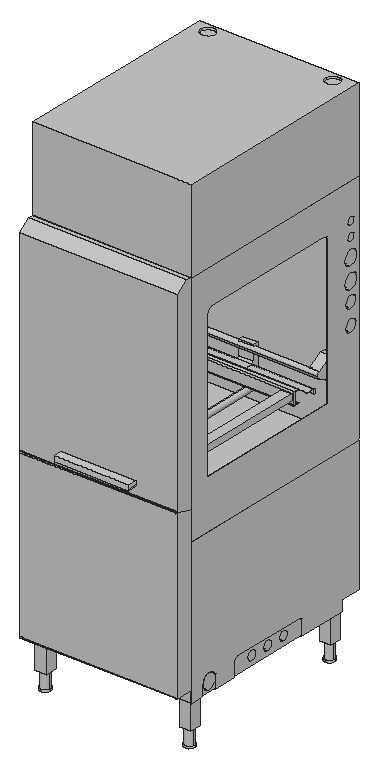
Revit family "QF_ELECTROLUXPROFESSIONAL_535095_NMPWDRE", category Specialty Equipment, Revit 2018
Family settings
  Round Connector Dimension = Use Diameter
  Part Type = Normal
  Work Plane-Based = No
  Always vertical = Yes
  Cut with Voids When Loaded = No
  Shared = No
  Room Calculation Point = No
Parameters (values of type "Standard")
  Weight = 0.00 kg
  Watts = 0 W
  Volts = 380 V
  URL Manufacturer = "http://professional.electrolux.com/"
  URL = "http://professional.electrolux.com/"
  Steam Supply Size = 0 mm
  Steam Supply Minimum Pressure = 0.0 Pa
  Steam Supply Maximum Pressure = 0.0 Pa
  Steam Pounds per Hour = 0
  Show Logo [instance] = yes
  Refrigeration Suction Line Size = 0 mm
  Refrigeration Liquid Line Size = 0 mm
  Refrigerant Compressor Remote = yes
  R_L [instance] = not(L_R)  # no
  Manufacturer = "Electrolux Professional"
  Phase = 3
  Model = "NMPWDRE"
  Length Actual = 560 mm  # constant formula
  Show Clearance [instance] = yes
  L_R [instance] = yes
  Item Number = "535095"
  Hot Water Size = 19.05 mm
  Height Actual = 1785 mm  # constant formula
  HP = "9.9 HP"
  Gas Size = 0 mm
  Gas KW = 0
  Gas Input Pressure = 0 W
  Direct Waste Size = 50 mm
  Description = "MEDIUM PRE-WASH MODULE, DUAL RINSE RT, ELECTRIC, 50HZ"
  Depth Actual = 825 mm  # constant formula
  DRAIN [instance] = if(L_R, 0 mm, 638 mm)  # 0 mm
  Cycle = 50 Hz
  Condensate Return Size = 0 mm
  Compressed Air Volume = 0.0 L/s
  Compressed Air Size = 0 mm
  Compressed Air Pressure = 0.0 Pa
  Cold Water Size = 19.05 mm
  Accessory = yes
Types (2, lengths in mm): name | Volts | URL Manufacturer | URL | Manufacturer | Phase | Model | Item Number | Hot Water Size | Description | Cycle | Cold Water Size
  NMPWDRE5 | 0 V | "" | "http://professional.electrolux.com" | "Electrolux" | 0 | "ESR10E5" | "" | 0 | "SINGLE RINSE RT, 100R/H, ELECTRIC 50HZ" | 0 Hz | 0
  Standard | 380 V | "http://professional.electrolux.com/" | "http://professional.electrolux.com/" | "Electrolux Professional" | 3 | "NMPWDRE" | "535095" | 19.05 | "MEDIUM PRE-WASH MODULE, DUAL RINSE RT, ELECTRIC, 50HZ" | 50 Hz | 19.05
Reference planes
  plane 1 "Center X": y = -16.742
  plane 2: z = 0
  plane 3 "1": x = -383.563
  plane 4 "2": x = 176.437
  plane 5 "BACK": y = 388.258
  plane 6 "FEET": z = 150
  plane 7: z = 2095
  plane 8 "BASE": z = 187
  plane 9 "TOP": z = 1785
  plane 10 "FRONT": y = -408.742
  plane 11: y = 311.258
  plane 12 "LEFT": x = -423.563
  plane 13 "RIGHT": x = 216.437
  plane 14 "DRAIN": x = -423.563
Forms (mm)
  Extrusion 1, solid, material "QF_Finishes_Stainless Steel"
    sketch origin (176.437, 479.936, 4000) x (0, 1, 0) y (0, 0, 1)
      loop
        line (-96.678, -2215) -> (-828.678, -2215) -> (-828.678, -2507) -> (-96.678, -2507) -> (-96.678, -2215)
    from -560 to 0
  Extrusion 2, solid, material "QF_Finishes_Stainless Steel"
    sketch origin (-383.563, 437.565, 4000) x (0, 1, 0) y (0, 0, 1)
      loop
        line (-54.307, -2507) -> (-786.307, -2507) -> (-786.307, -3850) -> (-126.307, -3850) -> (-126.307, -3812) -> (-54.307, -3812) -> (-54.307, -2507)
      loop
        line (-129.307, -2557) -> (-769.307, -2557) -> (-769.307, -3290) -> (-129.307, -3290) -> (-129.307, -2557)
    from 557 to 3
  Extrusion 3, solid, material "QF_Finishes_Stainless Steel"
    sketch origin (-383.563, 437.565, 4000) x (0, 1, 0) y (0, 0, 1)
      loop
        line (-59.307, -3342) -> (-781.307, -3342)
        arc (-781.307, -3342) -> (-784.843, -3343.464) -> (-786.307, -3347) r 5
        line (-786.307, -3347) -> (-786.307, -3850) -> (-741.307, -3850) -> (-741.307, -3813)
        arc (-741.307, -3813) -> (-711.307, -3783) -> (-681.307, -3813) r 30
        line (-681.307, -3813) -> (-681.307, -3850) -> (-602.807, -3850) -> (-602.807, -3803)
        arc (-602.807, -3803) -> (-598.414, -3792.393) -> (-587.807, -3788) r 15
        line (-587.807, -3788) -> (-317.807, -3788)
        arc (-317.807, -3788) -> (-307.201, -3792.393) -> (-302.807, -3803) r 15
        line (-302.807, -3803) -> (-302.807, -3850) -> (-126.307, -3850) -> (-126.307, -3812) -> (-54.307, -3812) -> (-54.307, -3347)
        arc (-54.307, -3347) -> (-55.772, -3343.464) -> (-59.307, -3342) r 5
    from 0 to 3
  Extrusion 4, solid, material "QF_Finishes_Stainless Steel"
    sketch origin (176.437, 479.936, 4000) x (0, 1, 0) y (0, 0, 1)
      loop
        line (-96.678, -2507) -> (-828.678, -2507) -> (-828.678, -3335)
        arc (-828.678, -3335) -> (-827.214, -3338.536) -> (-823.678, -3340) r 5
        line (-823.678, -3340) -> (-101.678, -3340)
        arc (-101.678, -3340) -> (-98.142, -3338.536) -> (-96.678, -3335) r 5
        line (-96.678, -3335) -> (-96.678, -2507)
      loop
        line (-248.879, -2635) -> (-744.477, -2635)
        arc (-744.477, -2635) -> (-756.64, -2640.038) -> (-761.678, -2652.201) r 17.201
        line (-761.678, -2652.201) -> (-761.678, -3167.258) -> (-231.678, -3167.258) -> (-231.678, -2652.201)
        arc (-231.678, -2652.201) -> (-236.716, -2640.038) -> (-248.879, -2635) r 17.201
    from -3 to 0
  Extrusion 5, solid, material "QF_Finishes_Stainless Steel"
    sketch origin (176.437, 479.936, 4000) x (0, 1, 0) y (0, 0, 1)
      loop
        line (-101.678, -3342) -> (-823.678, -3342)
        arc (-823.678, -3342) -> (-827.214, -3343.464) -> (-828.678, -3347) r 5
        line (-828.678, -3347) -> (-828.678, -3850) -> (-783.678, -3850) -> (-783.678, -3813)
        arc (-783.678, -3813) -> (-753.678, -3783) -> (-723.678, -3813) r 30
        line (-723.678, -3813) -> (-723.678, -3850) -> (-645.178, -3850) -> (-645.178, -3803)
        arc (-645.178, -3803) -> (-640.785, -3792.393) -> (-630.178, -3788) r 15
        line (-630.178, -3788) -> (-360.178, -3788)
        arc (-360.178, -3788) -> (-349.571, -3792.393) -> (-345.178, -3803) r 15
        line (-345.178, -3803) -> (-345.178, -3850) -> (-168.678, -3850) -> (-168.678, -3812) -> (-96.678, -3812) -> (-96.678, -3347)
        arc (-96.678, -3347) -> (-98.142, -3343.464) -> (-101.678, -3342) r 5
    from -3 to 0
  Extrusion 6, void
    sketch origin (0, 0, 1785) x (1, 0, 0) y (0, -1, 0)
      loop
        circle (-323.563, -347.258) r 25
    from 0 to 5
  Extrusion 7, solid, material "QF_Finishes_Stainless Steel"
    sketch origin (-383.563, 437.565, 4000) x (0, 1, 0) y (0, 0, 1)
      loop
        circle (-89.376, -2635.001) r 12
      loop
        circle (-89.376, -2685.001) r 12
      loop
        circle (-89.376, -2750.001) r 25
      loop
        circle (-89.376, -2825.001) r 25
      loop
        circle (-89.376, -2890.001) r 20
      loop
        circle (-89.376, -2965.001) r 20
    from 0 to 3
  Extrusion 8, void
    sketch origin (-383.563, 437.565, 4000) x (0, 1, 0) y (0, 0, 1)
      loop
        circle (-89.376, -2635.001) r 14
      loop
        circle (-89.376, -2685.001) r 14
      loop
        circle (-89.376, -2750.001) r 27
      loop
        circle (-89.376, -2825.001) r 27
      loop
        circle (-89.376, -2890.001) r 22
      loop
        circle (-89.376, -2965.001) r 22
    from 0 to 3
  Extrusion 9, solid, material "QF_Finishes_Stainless Steel"
    sketch origin (-383.563, 437.565, 4000) x (0, 1, 0) y (0, 0, 1)
      loop
        circle (-454.307, -3813) r 15
      loop
        circle (-524.307, -3813) r 15
      loop
        circle (-384.307, -3813) r 15
    from 0 to 3
  Extrusion 10, solid, material "QF_Finishes_Stainless Steel"
    sketch origin (-383.563, 437.565, 4000) x (0, 1, 0) y (0, 0, 1)
      loop
        circle (-711.307, -3813) r 25
    from 0 to 3
  Extrusion 11, solid, material "QF_Finishes_Stainless Steel"
    sketch origin (176.437, 479.936, 4000) x (0, 1, 0) y (0, 0, 1)
      loop
        circle (-496.678, -3813) r 15
      loop
        circle (-566.678, -3813) r 15
      loop
        circle (-426.678, -3813) r 15
    from 0 to -3
  Extrusion 12, solid, material "QF_Finishes_Stainless Steel"
    sketch origin (176.437, 479.936, 4000) x (0, 1, 0) y (0, 0, 1)
      loop
        circle (-753.678, -3813) r 25
    from 0 to -3
  Extrusion 13, solid, material "QF_Finishes_Stainless Steel"
    sketch origin (-383.563, 437.565, 4000) x (0, 1, 0) y (0, 0, 1)
      loop
        line (-54.307, -2507) -> (-786.307, -2507) -> (-786.307, -3335)
        arc (-786.307, -3335) -> (-784.843, -3338.536) -> (-781.307, -3340) r 5
        line (-781.307, -3340) -> (-59.307, -3340)
        arc (-59.307, -3340) -> (-55.772, -3338.536) -> (-54.307, -3335) r 5
        line (-54.307, -3335) -> (-54.307, -2507)
      loop
        line (-206.509, -2635) -> (-702.106, -2635)
        arc (-702.106, -2635) -> (-714.269, -2640.038) -> (-719.307, -2652.201) r 17.201
        line (-719.307, -2652.201) -> (-719.307, -3167.258) -> (-189.307, -3167.258) -> (-189.307, -2652.201)
        arc (-189.307, -2652.201) -> (-194.345, -2640.038) -> (-206.509, -2635) r 17.201
    from 3 to 0
  Extrusion 14, void
    sketch origin (176.437, 479.936, 4000) x (0, -1, 0) y (0, 0, 1)
      loop
        circle (131.746, -2635.001) r 14
      loop
        circle (131.746, -2685.001) r 14
      loop
        circle (131.746, -2750.001) r 27
      loop
        circle (131.746, -2825.001) r 27
      loop
        circle (131.746, -2890.001) r 22
      loop
        circle (131.746, -2965.001) r 22
    from 0 to 2
  Extrusion 15, solid, material "QF_Finishes_Stainless Steel"
    sketch origin (176.437, 479.936, 4000) x (0, 1, 0) y (0, 0, 1)
      loop
        circle (-131.746, -2635.001) r 12
      loop
        circle (-131.746, -2685.001) r 12
      loop
        circle (-131.746, -2750.001) r 25
      loop
        circle (-131.746, -2825.001) r 25
      loop
        circle (-131.746, -2890.001) r 20
      loop
        circle (-131.746, -2965.001) r 20
    from 0 to -2
  Extrusion 16, solid, material "QF_Finishes_Stainless Steel", visible <- "L_R"
    sketch origin (-383.563, 437.565, 4000) x (0, 1, 0) y (0, 0, 1)
      loop
        circle (-711.307, -3813) r 25
    from 0 to -38
  Extrusion 17, solid, material "QF_Finishes_Stainless Steel", visible <- "R_L"
    sketch origin (176.437, 479.936, 4000) x (0, 1, 0) y (0, 0, 1)
      loop
        circle (-753.678, -3813) r 25
    from 0 to 38
  Extrusion 18, solid, material "QF_Finishes_Stainless Steel"
    sketch origin (-423.563, 0, 0) x (0, 1, 0) y (0, 0, 1)
      loop
        circle (-273.742, 187) r 25
    from 0 to 2
  Extrusion 19, void
    sketch origin (0, 0, 1785) x (1, 0, 0) y (0, -1, 0)
      loop
        circle (114.437, -347.258) r 25
    from 0 to 5
  Extrusion 20, solid, material "QF_Clearance", detail levels coarse
    sketch origin (556.437, -74.242, 0) x (1, 0, 0) y (0, 1, 0)
      loop
        line (-940, 462.5) -> (-380, 462.5) -> (-380, 512.5) -> (-940, 512.5) -> (-940, 462.5)
    from -100 to 1785
Cuts and joins
  Extrusion 6, Extrusion 19 cuts Extrusion 1
  Extrusion 6, Extrusion 14, Extrusion 19 cuts Extrusion 2
  Extrusion 8, Extrusion 14 cuts Extrusion 13
  Extrusion 14 cuts Extrusion 7
  Extrusion 14 cuts Extrusion 4
Lines and regions (mm)
  symbolic lines
    curve 1: line (-383.563, 383.258, 0) -> (176.437, 383.258, 0)
    curve 2: line (-383.563, -348.742, 0) -> (-383.563, 383.258, 0)
    curve 3: line (176.437, -348.742, 0) -> (-383.563, -348.742, 0)
    curve 4: line (176.437, 383.258, 0) -> (176.437, -348.742, 0)
    curve 7: circle (-323.563, 347.258, 0) r 25 normal (0, 0, 1)
    curve 8: line (-383.563, 383.258, 0) -> (176.437, -348.742, 0)
    curve 15: line (-383.563, -16.742, 0) -> (-358.563, -16.742, 0)
    curve 16: line (176.437, -16.742, 0) -> (151.437, -16.742, 0)
    curve 17: circle (114.437, 347.258, 0) r 25 normal (0, 0, -1)
  symbolic lines, style "SpecialityEquipment"
    curve 5: line (176.437, -281.742, 0) -> (-383.563, -281.742, 0)
    curve 6: line (-383.563, 308.258, 0) -> (176.437, 308.258, 0)
  symbolic lines, style "SpecialityEquipmentHiddenLines", visible <- "L_R"
    curve 9: line (-423.563, -248.742, 0) -> (-423.563, -298.742, 0)
    curve 10: line (-423.563, -248.742, 0) -> (-383.563, -248.742, 0)
    curve 11: line (-423.563, -298.742, 0) -> (-383.563, -298.742, 0)
  symbolic lines, style "SpecialityEquipmentHiddenLines", visible <- "R_L"
    curve 12: line (216.437, -298.742, 0) -> (216.437, -248.742, 0)
    curve 13: line (216.437, -248.742, 0) -> (176.437, -248.742, 0)
    curve 14: line (216.437, -298.742, 0) -> (176.437, -298.742, 0)
  symbolic lines, style "QF_Clearances"
    curve 18: line (-383.563, 438.258, 0) -> (176.437, 438.258, 0)
Dimensions and locks
  plane 3 "1" to plane 4 "2" = 560 mm
  plane 5 "BACK" to plane 1 "Center X" to plane 10 "FRONT" = 405 mm, 392 mm
  plane 6 "FEET" to level = 150 mm
  Extrusion 3 to plane 3 "1" = 3 mm
  plane 4 "2" to Extrusion 5 = 3 mm
  plane 6 "FEET" to plane 9 "TOP" = 1635 mm
  plane 5 "BACK" to plane 10 "FRONT" = 797 mm  (x2)
  plane 3 "1" to Extrusion 6 sketch curve = 60 mm
  plane 5 "BACK" to Extrusion 6 sketch curve = 41 mm
  plane 4 "2" to plane 3 "1" = 560 mm
  nested 1 to nested 4 to nested 4 to nested 4 = 732 mm, 60 mm, 30 mm
  "DRAIN": plane 12 "LEFT" to plane 14 "DRAIN"
  aligned and locked: level to plane 2
Automatic sketch dimensions
  plane 9 "TOP" to Extrusion 1 sketch curve = 0 mm
  plane 10 "FRONT" to Extrusion 1 sketch curve = 60 mm
  Extrusion 1 sketch curve to plane 5 "BACK" = 5 mm
  Extrusion 1 sketch curve to Extrusion 1 sketch curve = 292 mm
  Extrusion 2 sketch curve to plane 6 "FEET" = 0 mm
  Extrusion 2 sketch curve to plane 11 = 0 mm
  plane 11 to Extrusion 2 sketch curve = 3 mm
  plane 10 "FRONT" to Extrusion 2 sketch curve = 77 mm
  Extrusion 2 sketch curve to Extrusion 2 sketch curve = 17 mm
  plane 8 "BASE" to Extrusion 2 sketch curve = 1 mm
  Extrusion 2 sketch curve to plane 5 "BACK" = 5 mm
  Extrusion 2 sketch curve to Extrusion 2 sketch curve = 522 mm
  plane 9 "TOP" to Extrusion 2 sketch curve = 342 mm
  Extrusion 2 sketch curve to Extrusion 2 sketch curve = 50 mm
  Extrusion 3 sketch curve to plane 6 "FEET" = 0 mm  (x3)
  Extrusion 3 sketch curve to plane 8 "BASE" = 0 mm
  Extrusion 3 sketch curve to plane 11 = 0 mm
  plane 8 "BASE" to Extrusion 3 sketch curve = 10 mm  (x2)
  Extrusion 3 sketch curve to plane 1 "Center X" = 151.5 mm
  Extrusion 3 sketch curve to Extrusion 3 sketch curve = 15 mm
  plane 1 "Center X" to Extrusion 3 sketch curve = 133.5 mm
  Extrusion 3 sketch curve to Extrusion 3 sketch curve = 78.5 mm
  Extrusion 3 sketch curve to Extrusion 3 sketch curve = 30 mm
  plane 10 "FRONT" to Extrusion 3 sketch curve = 65 mm
  Extrusion 3 sketch curve to Extrusion 3 sketch curve = 5 mm
  Extrusion 3 sketch curve to plane 5 "BACK" = 10 mm
  Extrusion 3 sketch curve to plane 5 "BACK" = 5 mm
  plane 8 "BASE" to Extrusion 3 sketch curve = 1 mm
  Extrusion 3 sketch curve to Extrusion 3 sketch curve = 465 mm
  plane 10 "FRONT" to Extrusion 4 sketch curve = 60 mm
  Extrusion 4 sketch curve to Extrusion 4 sketch curve = 5 mm
  plane 10 "FRONT" to Extrusion 4 sketch curve = 127 mm
  Extrusion 4 sketch curve to Extrusion 4 sketch curve = 17.201 mm  (x2)
  plane 11 to Extrusion 4 sketch curve = 80.201 mm
  plane 11 to Extrusion 4 sketch curve = 63 mm
  Extrusion 4 sketch curve to plane 5 "BACK" = 10 mm
  Extrusion 4 sketch curve to plane 5 "BACK" = 5 mm
  plane 8 "BASE" to Extrusion 4 sketch curve = 473 mm
  Extrusion 4 sketch curve to Extrusion 4 sketch curve = 167.742 mm
  plane 9 "TOP" to Extrusion 4 sketch curve = 437.201 mm
  Extrusion 4 sketch curve to Extrusion 4 sketch curve = 0 mm
  Extrusion 4 sketch curve to Extrusion 4 sketch curve = 145.201 mm
  Extrusion 5 sketch curve to plane 6 "FEET" = 0 mm  (x3)
  Extrusion 5 sketch curve to plane 8 "BASE" = 0 mm
  Extrusion 5 sketch curve to plane 11 = 0 mm
  plane 8 "BASE" to Extrusion 5 sketch curve = 10 mm  (x2)
  Extrusion 5 sketch curve to plane 1 "Center X" = 151.5 mm
  Extrusion 5 sketch curve to Extrusion 5 sketch curve = 15 mm
  plane 1 "Center X" to Extrusion 5 sketch curve = 133.5 mm
  Extrusion 5 sketch curve to Extrusion 5 sketch curve = 78.5 mm
  Extrusion 5 sketch curve to Extrusion 5 sketch curve = 30 mm
  plane 10 "FRONT" to Extrusion 5 sketch curve = 65 mm
  Extrusion 5 sketch curve to Extrusion 5 sketch curve = 5 mm
  Extrusion 5 sketch curve to plane 5 "BACK" = 10 mm
  Extrusion 5 sketch curve to plane 5 "BACK" = 5 mm
  plane 8 "BASE" to Extrusion 5 sketch curve = 1 mm
  Extrusion 5 sketch curve to Extrusion 5 sketch curve = 465 mm
  Extrusion 7 sketch curve to plane 11 = 36.932 mm  (x6)
  plane 9 "TOP" to Extrusion 7 sketch curve = 750.001 mm
  Extrusion 7 sketch curve to Extrusion 7 sketch curve = 75 mm  (x2)
  Extrusion 7 sketch curve to Extrusion 7 sketch curve = 65 mm  (x2)
  Extrusion 7 sketch curve to Extrusion 7 sketch curve = 50 mm
  Extrusion 8 sketch curve to plane 11 = 36.932 mm  (x6)
  plane 9 "TOP" to Extrusion 8 sketch curve = 750.001 mm
  Extrusion 8 sketch curve to Extrusion 8 sketch curve = 75 mm  (x2)
  Extrusion 8 sketch curve to Extrusion 8 sketch curve = 65 mm  (x2)
  Extrusion 8 sketch curve to Extrusion 8 sketch curve = 50 mm
  Extrusion 9 sketch curve to plane 8 "BASE" = 0 mm  (x3)
  Extrusion 9 sketch curve to plane 1 "Center X" = 0 mm
  Extrusion 9 sketch curve to Extrusion 9 sketch curve = 70 mm
  Extrusion 9 sketch curve to plane 1 "Center X" = 70 mm
  Extrusion 10 sketch curve to plane 8 "BASE" = 0 mm
  plane 10 "FRONT" to Extrusion 10 sketch curve = 135 mm
  Extrusion 11 sketch curve to plane 8 "BASE" = 0 mm  (x3)
  Extrusion 11 sketch curve to plane 1 "Center X" = 0 mm
  Extrusion 11 sketch curve to Extrusion 11 sketch curve = 70 mm
  Extrusion 11 sketch curve to plane 1 "Center X" = 70 mm
  Extrusion 12 sketch curve to plane 8 "BASE" = 0 mm
  plane 10 "FRONT" to Extrusion 12 sketch curve = 135 mm
  plane 10 "FRONT" to Extrusion 13 sketch curve = 60 mm
  Extrusion 13 sketch curve to Extrusion 13 sketch curve = 5 mm
  plane 10 "FRONT" to Extrusion 13 sketch curve = 127 mm
  Extrusion 13 sketch curve to Extrusion 13 sketch curve = 17.201 mm  (x2)
  plane 11 to Extrusion 13 sketch curve = 80.201 mm
  plane 11 to Extrusion 13 sketch curve = 63 mm
  Extrusion 13 sketch curve to plane 5 "BACK" = 10 mm
  Extrusion 13 sketch curve to plane 5 "BACK" = 5 mm
  plane 8 "BASE" to Extrusion 13 sketch curve = 473 mm
  Extrusion 13 sketch curve to Extrusion 13 sketch curve = 167.742 mm
  plane 9 "TOP" to Extrusion 13 sketch curve = 437.201 mm
  Extrusion 13 sketch curve to Extrusion 13 sketch curve = 0 mm
  Extrusion 13 sketch curve to Extrusion 13 sketch curve = 145.201 mm
  Extrusion 14 sketch curve to plane 11 = 36.932 mm  (x6)
  plane 9 "TOP" to Extrusion 14 sketch curve = 750.001 mm
  Extrusion 14 sketch curve to Extrusion 14 sketch curve = 75 mm  (x2)
  Extrusion 14 sketch curve to Extrusion 14 sketch curve = 65 mm  (x2)
  Extrusion 14 sketch curve to Extrusion 14 sketch curve = 50 mm
  Extrusion 15 sketch curve to plane 11 = 36.932 mm  (x6)
  plane 9 "TOP" to Extrusion 15 sketch curve = 750.001 mm
  Extrusion 15 sketch curve to Extrusion 15 sketch curve = 75 mm  (x2)
  Extrusion 15 sketch curve to Extrusion 15 sketch curve = 65 mm  (x2)
  Extrusion 15 sketch curve to Extrusion 15 sketch curve = 50 mm
  Extrusion 16 sketch curve to plane 8 "BASE" = 0 mm
  plane 10 "FRONT" to Extrusion 16 sketch curve = 135 mm
  Extrusion 17 sketch curve to plane 8 "BASE" = 0 mm
  plane 10 "FRONT" to Extrusion 17 sketch curve = 135 mm
  Extrusion 18 sketch curve to plane 8 "BASE" = 0 mm
  plane 10 "FRONT" to Extrusion 18 sketch curve = 135 mm
  Extrusion 19 sketch curve to plane 4 "2" = 62 mm
  Extrusion 19 sketch curve to plane 11 = 36 mm
  Extrusion 20 sketch curve to plane 3 "1" = 0 mm
  plane 5 "BACK" to Extrusion 20 sketch curve = 50 mm
  Extrusion 20 sketch curve to plane 13 "RIGHT" = 40 mm
  plane 5 "BACK" to Extrusion 20 sketch curve = 0 mm
  curve 10 to plane 12 "LEFT" = 0 mm
  curve 15 to plane 3 "1" = 0 mm
  curve 18 to plane 3 "1" = 0 mm
  plane 1 "Center X" to curve 16 = 0 mm
  curve 4 to plane 4 "2" = 0 mm
  curve 18 to plane 4 "2" = 0 mm
  curve 12 to plane 13 "RIGHT" = 0 mm
  plane 3 "1" to curve 7 = 60 mm
  curve 17 to plane 4 "2" = 62 mm
  plane 10 "FRONT" to curve 12 = 160 mm
  plane 10 "FRONT" to curve 10 = 160 mm
  curve 12 to curve 12 = 50 mm
  curve 11 to curve 9 = 50 mm
  curve 4 to curve 14 = 50 mm
  curve 17 to plane 11 = 36 mm
  curve 7 to plane 11 = 36 mm
  curve 4 to plane 5 "BACK" = 5 mm
  curve 15 to plane 1 "Center X" = 0 mm
  curve 15 to curve 15 = 25 mm
  curve 16 to curve 16 = 25 mm
  curve 11 to curve 5 = 17 mm
  plane 11 to curve 6 = 3 mm
  plane 5 "BACK" to curve 18 = 50 mm
  radius of Extrusion 7 sketch curve = 12 mm  (x2)
  radius of Extrusion 7 sketch curve = 25 mm  (x2)
  radius of Extrusion 7 sketch curve = 20 mm  (x2)
  radius of Extrusion 8 sketch curve = 14 mm  (x2)
  radius of Extrusion 8 sketch curve = 27 mm  (x2)
  radius of Extrusion 8 sketch curve = 22 mm  (x2)
  radius of Extrusion 9 sketch curve = 15 mm  (x3)
  radius of Extrusion 10 sketch curve = 25 mm
  radius of Extrusion 11 sketch curve = 15 mm  (x3)
  radius of Extrusion 12 sketch curve = 25 mm
  radius of Extrusion 14 sketch curve = 14 mm  (x2)
  radius of Extrusion 14 sketch curve = 27 mm  (x2)
  radius of Extrusion 14 sketch curve = 22 mm  (x2)
  radius of Extrusion 15 sketch curve = 12 mm  (x2)
  radius of Extrusion 15 sketch curve = 25 mm  (x2)
  radius of Extrusion 15 sketch curve = 20 mm  (x2)
  radius of Extrusion 16 sketch curve = 25 mm
  radius of Extrusion 17 sketch curve = 25 mm
  radius of Extrusion 18 sketch curve = 25 mm
  radius of Extrusion 6 sketch curve = 25 mm
  radius of Extrusion 19 sketch curve = 25 mm
  radius of curve 7 = 25 mm
  radius of curve 17 = 25 mm
Nested families
  nested 1: "Basket_Guide+Wash_Arm_22''" at (-513, 0, 0), type "Basket_Guide+Wash_Arm_22''"
  nested 2: "Foot_40x40_H150" at (-357.563, -326.742, 0) x (-1, 0, 0) z (0, 0, 1), type "Foot_40x40_H150"
  nested 3: "Foot_40x40_H150" at (-357.563, 289.258, 0) x (-1, 0, 0) z (0, 0, 1), type "Foot_40x40_H150"
  nested 4: "Door_22''" at (-454, 0, 0), Show Clearance <- "Show Clearance", type "Door_22''"
  nested 5: "Foot_40x40_H150" at (150.437, -326.742, 0), type "Foot_40x40_H150"
  nested 6: "Foot_40x40_H150" at (150.437, 289.258, 0), type "Foot_40x40_H150"
Connectors
  piping at (-423.563, -273.742, 187), diameter 50
    settings: on Extrusion 18, index 1, connector inside diameter 609.6 mm, connector length 0 mm, flow factor 0, pipe flow 0.0 L/s, pressure drop 0.0 Pa, fitting loss kfactor 0, connector angle 0.00°, fixture units 0, engagement length 0 mm, angle of deflection 0.00°, flow configuration 0, flow direction 2, fitting loss method 0, system type 16, joint type 0, gender type 0, connector reference index -1, connector utility 0, adjustable connector no, is connector primary yes, connector description "DRAIN"
Definition of nested family "Basket_Guide+Wash_Arm_22''"
  Reference planes
    plane 1: z = 0
    plane 2 "Center Y": x = 409.437
    plane 3 "LEFT": x = 130.437
    plane 4 "BACK": y = 383.258
    plane 5 "FRONT": y = -408.742
    plane 6: z = 150
    plane 7 "TOP": z = 1785
    plane 8: z = 875
    plane 9 "RIGHT": x = 688.437
  Forms (mm)
    Extrusion 1, solid
      sketch origin (243.437, -18.984, 0) x (0, -1, 0) y (0, 0, 1)
        loop
          line (264.703, 929.245) -> (264.703, 907.554) -> (312.758, 879.81) -> (312.758, 956.99) -> (264.703, 929.245)
        loop
          line (-259.187, 929.245) -> (-307.242, 956.99) -> (-327.242, 956.99) -> (-327.242, 879.81) -> (-307.242, 879.81) -> (-259.187, 907.554) -> (-259.187, 929.245)
      from -424 to -388
    Extrusion 2, solid
      sketch origin (293.437, -18.984, 0) x (0, -1, 0) y (0, 0, 1)
        loop
          circle (264.703, 918.4) r 10
        loop
          circle (-259.187, 918.4) r 10
      from -374 to 142
    Extrusion 3, solid
      sketch origin (293.437, -18.984, 0) x (0, -1, 0) y (0, 0, 1)
        loop
          line (-252.564, 858) -> (-252.564, 870.68)
          arc (-252.564, 870.68) -> (-251.884, 872.32) -> (-250.244, 873) r 2.32
          line (-250.244, 873) -> (-222.564, 873) -> (-222.564, 875) -> (-250.244, 875)
          arc (-250.244, 875) -> (-253.299, 873.735) -> (-254.564, 870.68) r 4.32
          line (-254.564, 870.68) -> (-254.564, 858) -> (-252.564, 858)
        loop
          line (258.08, 858) -> (260.08, 858) -> (260.08, 870.68)
          arc (260.08, 870.68) -> (258.815, 873.735) -> (255.76, 875) r 4.32
          line (255.76, 875) -> (228.08, 875) -> (228.08, 873) -> (255.76, 873)
          arc (255.76, 873) -> (257.401, 872.32) -> (258.08, 870.68) r 2.32
          line (258.08, 870.68) -> (258.08, 858)
      from -360 to 128
    Extrusion 4, solid
      sketch origin (293.437, -18.984, 0) x (0, -1, 0) y (0, 0, 1)
        loop
          arc (-216.187, 825.32) -> (-216.866, 823.679) -> (-218.507, 823) r 2.32
          line (-218.507, 823) -> (-236.187, 823) -> (-236.187, 821) -> (-218.507, 821)
          arc (-218.507, 821) -> (-215.452, 822.265) -> (-214.187, 825.32) r 4.32
          line (-214.187, 825.32) -> (-214.187, 861.68)
          arc (-214.187, 861.68) -> (-215.452, 864.735) -> (-218.507, 866) r 4.32
          line (-218.507, 866) -> (-236.187, 866) -> (-236.187, 864) -> (-218.507, 864)
          arc (-218.507, 864) -> (-216.866, 863.32) -> (-216.187, 861.68) r 2.32
          line (-216.187, 861.68) -> (-216.187, 825.32)
        loop
          line (221.703, 825.32) -> (221.703, 861.68)
          arc (221.703, 861.68) -> (222.383, 863.32) -> (224.023, 864) r 2.32
          line (224.023, 864) -> (241.703, 864) -> (241.703, 866) -> (224.023, 866)
          arc (224.023, 866) -> (220.969, 864.735) -> (219.703, 861.68) r 4.32
          line (219.703, 861.68) -> (219.703, 825.32)
          arc (219.703, 825.32) -> (220.969, 822.265) -> (224.023, 821) r 4.32
          line (224.023, 821) -> (241.703, 821) -> (241.703, 823) -> (224.023, 823)
          arc (224.023, 823) -> (222.383, 823.679) -> (221.703, 825.32) r 2.32
      from -320 to 88
    Extrusion 5, solid
      sketch origin (575.437, -18.984, 0) x (0, -1, 0) y (0, 0, 1)
        loop
          line (264.703, 929.245) -> (264.703, 907.554) -> (312.758, 879.81) -> (312.758, 956.99) -> (264.703, 929.245)
        loop
          line (-259.187, 929.245) -> (-307.242, 956.99) -> (-327.242, 956.99) -> (-327.242, 879.81) -> (-307.242, 879.81) -> (-259.187, 907.554) -> (-259.187, 929.245)
      from 424 to 388
    Extrusion 6, solid
      sketch origin (243.437, -18.984, 0) x (0, -1, 0) y (0, 0, 1)
        loop
          line (219.703, 858) -> (-214.187, 858) -> (-214.187, 836) -> (219.703, 836) -> (219.703, 858)
      from -360 to -325
    Extrusion 7, solid
      sketch origin (575.437, -18.984, 0) x (0, -1, 0) y (0, 0, 1)
        loop
          line (219.703, 858) -> (-214.187, 858) -> (-214.187, 836) -> (219.703, 836) -> (219.703, 858)
      from 360 to 325
    Extrusion 8, solid
      sketch origin (409.437, 308.258, 1443) x (0, 0, 1) y (-1, 0, 0)
        loop
          line (-650.516, 7.5) -> (-663.507, 15) -> (-676.497, 7.5) -> (-676.497, -7.5) -> (-663.507, -15) -> (-650.516, -7.5) -> (-650.516, 7.5)
        loop
          line (-22.01, 7.5) -> (-35, 15) -> (-47.99, 7.5) -> (-47.99, -7.5) -> (-35, -15) -> (-22.01, -7.5) -> (-22.01, 7.5)
      from 0 to 30
    Extrusion 9, solid
      sketch origin (409.437, 278.258, 1443) x (0, 0, 1) y (-1, 0, 0)
        loop
          circle (-663.507, 0) r 10
        loop
          circle (-35, 0) r 10
      from 0 to 537.443
    Extrusion 10, solid
      sketch origin (409.437, -38.984, 0) x (0, -1, 0) y (0, 0, 1)
        loop
          line (244.703, 880.8) -> (236.703, 872.8) -> (221.703, 872.8) -> (221.703, 855.89) -> (201.703, 855.89) -> (201.703, 833.698) -> (238.1, 833.698) -> (209.284, 804.882) -> (200.502, 763.596) -> (201.48, 763.388) -> (210.201, 804.385) -> (262.124, 856.308) -> (262.124, 933.4) -> (244.703, 933.4) -> (244.703, 880.8)
        loop
          line (-279.187, 880.8) -> (-279.187, 933.4) -> (-296.608, 933.4) -> (-296.608, 856.308) -> (-273.998, 833.698) -> (-236.187, 833.698) -> (-236.187, 855.89) -> (-256.187, 855.89) -> (-256.187, 872.8) -> (-271.187, 872.8) -> (-279.187, 880.8)
        loop
          line (220.202, 1443) -> (218.202, 1443) -> (218.202, 1420.7) -> (195.852, 1381.988) -> (197.584, 1380.988) -> (220.202, 1420.164) -> (220.202, 1443)
      from -25 to 25
  Cuts and joins
    joined: Extrusion 1, Extrusion 2, Extrusion 3, Extrusion 4, Extrusion 5, Extrusion 6, Extrusion 7, Extrusion 8, Extrusion 9, Extrusion 10
  Dimensions and locks
    plane 3 "LEFT" to plane 9 "RIGHT" = 558 mm
    equal spacing: plane 3 "LEFT", plane 2 "Center Y", plane 9 "RIGHT", locked at 279 each
    plane 7 "TOP" to plane 6 to level = 1635 mm, 150 mm
    plane 4 "BACK" to plane 5 "FRONT" = 792 mm
    aligned and locked: level to plane 1
  Automatic sketch dimensions
    plane 8 to Extrusion 1 sketch curve = 4.81 mm  (x2)
    Extrusion 1 sketch curve to plane 4 "BACK" = 75 mm
    Extrusion 1 sketch curve to Extrusion 1 sketch curve = 20 mm  (x2)
    Extrusion 1 sketch curve to Extrusion 1 sketch curve = 48.055 mm  (x2)
    plane 8 to Extrusion 1 sketch curve = 32.554 mm  (x2)
    plane 5 "FRONT" to Extrusion 1 sketch curve = 125.055 mm
    Extrusion 1 sketch curve to Extrusion 1 sketch curve = 21.691 mm  (x2)
    Extrusion 1 sketch curve to Extrusion 1 sketch curve = 27.745 mm  (x2)
    plane 8 to Extrusion 2 sketch curve = 43.4 mm  (x2)
    Extrusion 2 sketch curve to plane 4 "BACK" = 143.055 mm
    plane 5 "FRONT" to Extrusion 2 sketch curve = 125.055 mm
    Extrusion 3 sketch curve to Extrusion 3 sketch curve = 0 mm  (x4)
    Extrusion 3 sketch curve to plane 8 = 0 mm  (x2)
    Extrusion 3 sketch curve to plane 8 = 4.32 mm  (x2)
    Extrusion 3 sketch curve to plane 4 "BACK" = 147.678 mm
    Extrusion 3 sketch curve to Extrusion 3 sketch curve = 2 mm  (x2)
    Extrusion 3 sketch curve to Extrusion 3 sketch curve = 27.68 mm  (x2)
    plane 5 "FRONT" to Extrusion 3 sketch curve = 161.678 mm
    Extrusion 3 sketch curve to Extrusion 3 sketch curve = 12.68 mm  (x2)
    Extrusion 4 sketch curve to Extrusion 4 sketch curve = 0 mm  (x9)
    Extrusion 4 sketch curve to plane 8 = 9 mm
    Extrusion 4 sketch curve to plane 4 "BACK" = 166.055 mm
    Extrusion 4 sketch curve to Extrusion 4 sketch curve = 17.68 mm  (x4)
    Extrusion 4 sketch curve to Extrusion 4 sketch curve = 2.32 mm  (x3)
    Extrusion 4 sketch curve to Extrusion 4 sketch curve = 2 mm  (x2)
    Extrusion 4 sketch curve to plane 8 = 49.68 mm
    plane 5 "FRONT" to Extrusion 4 sketch curve = 170.055 mm
    Extrusion 4 sketch curve to Extrusion 4 sketch curve = 43 mm
    Extrusion 4 sketch curve to plane 8 = 13.32 mm
    plane 8 to Extrusion 5 sketch curve = 4.81 mm  (x2)
    Extrusion 5 sketch curve to plane 4 "BACK" = 75 mm
    Extrusion 5 sketch curve to Extrusion 5 sketch curve = 20 mm  (x2)
    Extrusion 5 sketch curve to Extrusion 5 sketch curve = 48.055 mm  (x2)
    plane 8 to Extrusion 5 sketch curve = 32.554 mm  (x2)
    plane 5 "FRONT" to Extrusion 5 sketch curve = 125.055 mm
    Extrusion 5 sketch curve to Extrusion 5 sketch curve = 21.691 mm  (x2)
    Extrusion 5 sketch curve to Extrusion 5 sketch curve = 27.745 mm  (x2)
    Extrusion 6 sketch curve to plane 8 = 17 mm
    Extrusion 6 sketch curve to plane 4 "BACK" = 188.055 mm
    Extrusion 6 sketch curve to plane 8 = 39 mm
    plane 5 "FRONT" to Extrusion 6 sketch curve = 170.055 mm
    Extrusion 7 sketch curve to plane 8 = 17 mm
    Extrusion 7 sketch curve to plane 4 "BACK" = 188.055 mm
    Extrusion 7 sketch curve to plane 8 = 39 mm
    plane 5 "FRONT" to Extrusion 7 sketch curve = 170.055 mm
    Extrusion 8 sketch curve to plane 2 "Center Y" = 7.5 mm  (x4)
    Extrusion 8 sketch curve to plane 8 = 108.497 mm
    Extrusion 8 sketch curve to plane 2 "Center Y" = 15 mm  (x2)
    Extrusion 8 sketch curve to Extrusion 8 sketch curve = 12.99 mm  (x6)
    plane 2 "Center Y" to Extrusion 8 sketch curve = 15 mm  (x2)
    Extrusion 8 sketch curve to plane 7 "TOP" = 389.99 mm
    plane 2 "Center Y" to Extrusion 8 sketch curve = 7.5 mm  (x4)
    plane 8 to Extrusion 10 sketch curve = 58.4 mm
    Extrusion 10 sketch curve to plane 4 "BACK" = 125.634 mm
    Extrusion 10 sketch curve to Extrusion 10 sketch curve = 17.421 mm  (x3)
    plane 8 to Extrusion 10 sketch curve = 5.8 mm  (x2)
    Extrusion 10 sketch curve to plane 8 = 41.302 mm  (x2)
    Extrusion 10 sketch curve to Extrusion 10 sketch curve = 22.61 mm
    Extrusion 10 sketch curve to plane 8 = 2.2 mm  (x2)
    Extrusion 10 sketch curve to Extrusion 10 sketch curve = 8 mm  (x2)
    Extrusion 10 sketch curve to Extrusion 10 sketch curve = 15 mm  (x2)
    Extrusion 10 sketch curve to Extrusion 10 sketch curve = 20 mm  (x2)
    plane 5 "FRONT" to Extrusion 10 sketch curve = 173.907 mm
    Extrusion 10 sketch curve to Extrusion 10 sketch curve = 1.732 mm
    plane 5 "FRONT" to Extrusion 10 sketch curve = 169.257 mm
    Extrusion 10 sketch curve to Extrusion 10 sketch curve = 0.978 mm
    Extrusion 10 sketch curve to plane 8 = 19.11 mm
    Extrusion 10 sketch curve to Extrusion 10 sketch curve = 1.202 mm
    Extrusion 10 sketch curve to plane 8 = 70.118 mm
    Extrusion 10 sketch curve to Extrusion 10 sketch curve = 7.581 mm
    Extrusion 10 sketch curve to plane 8 = 70.615 mm
    Extrusion 10 sketch curve to Extrusion 10 sketch curve = 0.916 mm
    Extrusion 10 sketch curve to Extrusion 10 sketch curve = 22.35 mm
    Extrusion 10 sketch curve to Extrusion 10 sketch curve = 2 mm
    Extrusion 10 sketch curve to Extrusion 10 sketch curve = 16.397 mm
    Extrusion 10 sketch curve to Extrusion 10 sketch curve = 0 mm
    Extrusion 10 sketch curve to Extrusion 10 sketch curve = 16.909 mm
    Extrusion 10 sketch curve to plane 8 = 18.692 mm  (x2)
    Extrusion 10 sketch curve to Extrusion 10 sketch curve = 52.6 mm
    Extrusion 10 sketch curve to plane 7 "TOP" = 404.012 mm
    Extrusion 10 sketch curve to Extrusion 10 sketch curve = 1 mm
    Extrusion 10 sketch curve to Extrusion 10 sketch curve = 22.3 mm
    Extrusion 9 sketch curve to Extrusion 8 = 12.99 mm  (x3)
    Extrusion 9 sketch curve to Extrusion 9 sketch curve = 0 mm
    radius of Extrusion 2 sketch curve = 10 mm  (x2)
    radius of Extrusion 9 sketch curve = 10 mm  (x2)
Definition of nested family "Foot_40x40_H150"
  Reference planes
    plane 1 "Centro (Fronte/Retro)": y = 0
    plane 2: z = 0
    plane 3 "Centro (Sinistra/Destra)": x = 0
    plane 4: z = 150
  Forms (mm)
    Extrusion 1, solid
      sketch origin (0, 0, 0) x (1, 0, 0) y (0, 1, 0)
        loop
          circle (0, 0) r 18
      from 0 to 5
    Extrusion 2, solid
      sketch origin (0, 0, 5) x (1, 0, 0) y (0, 1, 0)
        loop
          circle (0, 0) r 15
      from 0 to 55
    Extrusion 3, solid
      sketch origin (0, 0, 60) x (1, 0, 0) y (0, 1, 0)
        loop
          line (-20, 20) -> (-20, -20) -> (20, -20) -> (20, 20) -> (-20, 20)
      from 0 to 90
  Dimensions and locks
    aligned and locked: level to plane 2
    aligned and locked: plane 4 to Extrusion 3
    aligned and locked: Extrusion 1 to level
Definition of nested family "Door_22''"
  Parameters
    Show Clearance [instance] = yes
  Reference planes
    plane 1: z = 0
    plane 2 "Center Y": x = 350.437
    plane 3 "LEFT": x = 70.437
    plane 4 "RIGHT": x = 630.437
    plane 5 "FRONT": y = -408.742
    plane 6: z = 150
    plane 7: y = -348.742
  Forms (mm)
    Extrusion 1, solid
      sketch origin (853.437, -408.742, 1493) x (0, 0, -1) y (1, 0, 0)
        loop
          line (666, -634) -> (681, -634)
          arc (681, -634) -> (684.536, -632.536) -> (686, -629) r 5
          line (686, -629) -> (686, -377)
          arc (686, -377) -> (684.536, -373.464) -> (681, -372) r 5
          line (681, -372) -> (666, -372) -> (666, -634)
      from 0 to 30
    Extrusion 2, solid
      sketch origin (350.437, 0, 0) x (0, 1, 0) y (0, 0, 1)
        loop
          line (-348.742, 188) -> (-348.742, 758.131) -> (-405.595, 774.035)
          arc (-405.595, 774.035) -> (-407.764, 773.603) -> (-408.742, 771.62) r 2.5
          line (-408.742, 771.62) -> (-408.742, 190.5)
          arc (-408.742, 190.5) -> (-408.01, 188.732) -> (-406.242, 188) r 2.5
          line (-406.242, 188) -> (-348.742, 188)
      from -277 to 277
    Extrusion 3, solid
      sketch origin (350.437, 0, 0) x (0, 1, 0) y (0, 0, 1)
        loop
          line (-351.742, 1493) -> (-368.817, 1493) -> (-408.742, 1463.413) -> (-408.742, 778.225)
          arc (-408.742, 778.225) -> (-408.225, 776.703) -> (-406.889, 775.81) r 2.5
          line (-406.889, 775.81) -> (-354.889, 761.206)
          arc (-354.889, 761.206) -> (-352.72, 761.638) -> (-351.742, 763.621) r 2.5
          line (-351.742, 763.621) -> (-351.742, 1493)
      from -277 to 277
    Extrusion 4, solid, visible <- "Show Clearance", detail levels coarse
      sketch origin (853.437, -408.742, 2095) x (0, 0, -1) y (1, 0, 0)
        loop
          line (666, -634) -> (681, -634)
          arc (681, -634) -> (684.536, -632.536) -> (686, -629) r 5
          line (686, -629) -> (686, -377)
          arc (686, -377) -> (684.536, -373.464) -> (681, -372) r 5
          line (681, -372) -> (666, -372) -> (666, -634)
      from 0 to 30
    Extrusion 5, solid, visible <- "Show Clearance", detail levels coarse
      sketch origin (350.437, 0, 0) x (0, 1, 0) y (0, 0, 1)
        loop
          line (-351.742, 2095) -> (-368.817, 2095) -> (-408.742, 2065.413) -> (-408.742, 1463.413) -> (-368.817, 1493) -> (-351.742, 1493) -> (-351.742, 2095)
      from -277 to 277
  Lines and regions (mm)
    symbolic lines
      curve 1: line (73.437, -408.742, 1785) -> (73.437, -348.742, 1785)
      curve 2: line (627.437, -408.742, 1785) -> (73.437, -408.742, 1785)
      curve 3: line (627.437, -348.742, 1785) -> (627.437, -408.742, 1785)
      curve 4: line (219.437, -438.742, 1785) -> (219.437, -408.742, 1785)
      curve 5: line (481.437, -438.742, 1785) -> (219.437, -438.742, 1785)
      curve 6: line (481.437, -408.742, 1785) -> (481.437, -438.742, 1785)
  Dimensions and locks
    locked: plane 3 "LEFT" to plane 4 "RIGHT" at 560
    plane 6 to level = 150 mm
    equal spacing: plane 3 "LEFT", plane 2 "Center Y", plane 4 "RIGHT", locked at 280 each
    plane 3 "LEFT" to Extrusion 5 = 3 mm
    Extrusion 5 to plane 4 "RIGHT" = 3 mm
    aligned and locked: level to plane 1
    aligned and locked: Extrusion 3 to Extrusion 2
  Automatic sketch dimensions
    Extrusion 1 sketch curve to plane 2 "Center Y" = 131 mm
    plane 6 to Extrusion 1 sketch curve = 677 mm
    Extrusion 1 sketch curve to Extrusion 1 sketch curve = 15 mm  (x2)
    Extrusion 1 sketch curve to Extrusion 1 sketch curve = 5 mm
    plane 2 "Center Y" to Extrusion 1 sketch curve = 126 mm
    Extrusion 2 sketch curve to plane 5 "FRONT" = 0 mm
    Extrusion 2 sketch curve to plane 7 = 0 mm
    plane 5 "FRONT" to Extrusion 2 sketch curve = 2.5 mm
    Extrusion 2 sketch curve to Extrusion 2 sketch curve = 2.5 mm
    Extrusion 2 sketch curve to Extrusion 2 sketch curve = 0.647 mm
    plane 6 to Extrusion 2 sketch curve = 38 mm
    Extrusion 2 sketch curve to Extrusion 2 sketch curve = 570.131 mm
    Extrusion 2 sketch curve to Extrusion 2 sketch curve = 13.489 mm
    Extrusion 4 sketch curve to plane 2 "Center Y" = 131 mm
    plane 6 to Extrusion 4 sketch curve = 1279 mm
    Extrusion 4 sketch curve to Extrusion 4 sketch curve = 15 mm  (x2)
    Extrusion 4 sketch curve to Extrusion 4 sketch curve = 5 mm
    plane 2 "Center Y" to Extrusion 4 sketch curve = 126 mm
    curve 1 to plane 7 = 0 mm
    curve 3 to plane 7 = 0 mm
    curve 2 to plane 5 "FRONT" = 0 mm
    curve 5 to plane 5 "FRONT" = 30 mm
    plane 3 "LEFT" to curve 2 = 3 mm
    curve 5 to plane 2 "Center Y" = 131 mm
    plane 2 "Center Y" to curve 5 = 131 mm
    curve 2 to plane 4 "RIGHT" = 3 mm
    Extrusion 5 sketch curve to plane 5 "FRONT" = 0 mm
    Extrusion 5 sketch curve to plane 7 = 20.076 mm  (x2)
    Extrusion 5 sketch curve to plane 7 = 3 mm
    plane 6 to Extrusion 5 sketch curve = 1313.413 mm
    Extrusion 5 sketch curve to Extrusion 5 sketch curve = 29.587 mm  (x2)
    Extrusion 5 sketch curve to Extrusion 5 sketch curve = 572.413 mm
    Extrusion 3 sketch curve to plane 5 "FRONT" = 0 mm
    plane 5 "FRONT" to Extrusion 3 sketch curve = 1.853 mm
    Extrusion 3 sketch curve to Extrusion 3 sketch curve = 0.647 mm  (x2)
    Extrusion 3 sketch curve to plane 7 = 20.076 mm
    Extrusion 3 sketch curve to plane 7 = 6.147 mm
    Extrusion 3 sketch curve to plane 7 = 3 mm
    plane 6 to Extrusion 3 sketch curve = 611.206 mm
    Extrusion 3 sketch curve to Extrusion 3 sketch curve = 14.603 mm
    Extrusion 3 sketch curve to Extrusion 3 sketch curve = 685.188 mm
    Extrusion 3 sketch curve to Extrusion 3 sketch curve = 29.587 mm
